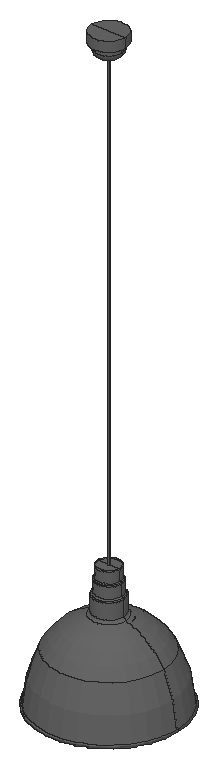
Revit family "Deep Bowl MB", category Lighting Fixtures, Revit 2020 (continued)
Definition of nested family "5.D618"
  Definition of nested family "D618"
    Forms (in)
      Revolve 1, solid, material <- "D618"
        sketch origin (0, 0, -6.03601) x (1, 0, 0) y (0, 0, 1)
          loop
            arc (-8.84187, 6.11594) -> (-8.92, 6.19407) -> (-8.84187, 6.27219) r 0.07812
            line (-8.84187, 6.27219) -> (-8.84187, 6.35219)
            arc (-8.84187, 6.35219) -> (-9, 6.19403) -> (-8.8418, 6.03594) r 0.15812
            arc (-8.8418, 6.03594) -> (-8.65366, 6.10011) -> (-8.54519, 6.26669) r 0.30456
            arc (-8.54519, 6.26669) -> (-8.00942, 9.66201) -> (-6.88998, 12.91195) r 19.64305
            arc (-6.88998, 12.91195) -> (-4.99623, 15.29641) -> (-2.18545, 16.4675) r 6.09625
            arc (-2.18545, 16.4675) -> (-1.9062, 16.61986) -> (-1.795, 16.91789) r 0.455
            line (-1.795, 16.91789) -> (-1.795, 18.85829)
            arc (-1.795, 18.85829) -> (-1.6149, 18.97534) -> (-1.545, 19.17844) r 0.33
            line (-1.545, 19.17844) -> (-1.545, 20.54819)
            arc (-1.545, 20.54819) -> (-1.40941, 20.64508) -> (-1.3575, 20.80344) r 0.2675
            line (-1.3575, 20.80344) -> (-1.3575, 21.95782) -> (-0.25, 21.95782) -> (-0.25, 22.03601) -> (-1.375, 22.03601)
            arc (-1.375, 22.03601) -> (-1.41919, 22.0177) -> (-1.4375, 21.97351) r 0.0625
            line (-1.4375, 21.97351) -> (-1.4375, 20.80344)
            arc (-1.4375, 20.80344) -> (-1.47677, 20.68862) -> (-1.57812, 20.6219) r 0.1875
            arc (-1.57812, 20.6219) -> (-1.61191, 20.59966) -> (-1.625, 20.56138) r 0.0625
            line (-1.625, 20.56138) -> (-1.625, 19.17844)
            arc (-1.625, 19.17844) -> (-1.68135, 19.02033) -> (-1.825, 18.93349) r 0.25
            arc (-1.825, 18.93349) -> (-1.86091, 18.91179) -> (-1.875, 18.87226) r 0.0625
            line (-1.875, 18.87226) -> (-1.875, 16.91789)
            arc (-1.875, 16.91789) -> (-1.96665, 16.67226) -> (-2.1968, 16.54669) r 0.375
          axis (0, 22.03601) -> (0, 6.03594)
        angle from 0 to 360
    Dimensions and locks (in)
      plane 3 "Center (Left/Right)" to plane 5 = 0' - 9"
      plane 4 to plane 2 = 1' - 4"
      aligned and locked: plane 2 to level
      aligned and locked: plane 4 to Revolve 1 sketch curve
Definition of nested family "8.OSD638"
  Parameters (values of type "8.OSD638")
    OSD638 [instance] = yes
    Light Elevation [instance] = 4' - 0"
    Default Elevation = 0' - 0"
    Bulb [instance] = none
    Body [instance] = none
  Reference planes (in)
    plane 1 "Center (Front/Back)": y = 0
    plane 2: z = 0
    plane 3 "Center (Left/Right)": x = 0
    plane 4: z = 48
  Dimensions and locks (in)
    "Light Elevation": plane 4 to plane 2
    aligned and locked: plane 2 to level
    aligned and locked: plane 1 "Center (Front/Back)" to nested 1
    aligned and locked: plane 3 "Center (Left/Right)" to nested 1
    aligned and locked: nested 1 to plane 4
  Nested families (in)
    nested 1: "OSD638" at (0, 0, 16.99995), SHADE <- "Body", visible <- "OSD638", OSD638 <- "OSD638", Bulb <- "Bulb", type "OSD638"
  Definition of nested family "OSD638"
    Parameters (values of type "OSD638")
      SHADE [instance] = none
      OSD638 [instance] = yes
      Default Elevation = 0' - 0"
      Bulb [instance] = none
      6' Cord Length = 0' - 11 1/2"
    Reference planes (in)
      plane 1 "Center (Front/Back)": y = 0
      plane 2: z = 0
      plane 3 "Center (Left/Right)": x = 0
      plane 4: z = 20
    Forms (in)
      Revolve 1, solid, material <- "SHADE"
        sketch origin (0, 0, 0) x (1, 0, 0) y (0, 0, 1)
          loop
            line (-0.13, 31.00005) -> (-3.42801, 31.00005)
            arc (-3.42801, 31.00005) -> (-3.47841, 30.9507) -> (-3.49691, 30.88264) r 0.1345
            line (-3.49691, 30.88264) -> (-3.49691, 28.10976)
            arc (-3.49691, 28.10976) -> (-3.61817, 27.7695) -> (-3.9273, 27.58264) r 0.53799
            arc (-3.9273, 27.58264) -> (-4.00458, 27.53592) -> (-4.03489, 27.45086) r 0.1345
            line (-4.03489, 27.45086) -> (-4.03489, 23.24518)
            arc (-4.03489, 23.24518) -> (-4.23212, 22.71659) -> (-4.72738, 22.44637) r 0.80698
            arc (-4.72738, 22.44637) -> (-10.51596, 19.54127) -> (-14.76485, 14.6531) r 16.70797
            arc (-14.76485, 14.6531) -> (-17.39988, 7.69011) -> (-18.56051, 0.33624) r 36.33735
            line (-18.56051, 0.33624) -> (-18.57009, 0.25129)
            arc (-18.57009, 0.25129) -> (-18.86251, 0.1581) -> (-18.73715, 0.43824) r 0.16812
            line (-18.73715, 0.43824) -> (-18.73715, 0.54762)
            arc (-18.73715, 0.54762) -> (-18.94407, 0.08522) -> (-18.4614, 0.23903) r 0.2775
            line (-18.4614, 0.23903) -> (-18.45147, 0.32716)
            arc (-18.45147, 0.32716) -> (-17.29496, 7.65906) -> (-14.66843, 14.60137) r 36.22798
            arc (-14.66843, 14.60137) -> (-10.45034, 19.45374) -> (-4.70471, 22.33915) r 16.5986
            arc (-4.70471, 22.33915) -> (-4.14711, 22.64768) -> (-3.92552, 23.24518) r 0.91635
            line (-3.92552, 23.24518) -> (-3.92552, 27.45086)
            arc (-3.92552, 27.45086) -> (-3.91986, 27.46675) -> (-3.90542, 27.47548) r 0.02512
            arc (-3.90542, 27.47548) -> (-3.53345, 27.70033) -> (-3.38753, 28.10976) r 0.64736
            line (-3.38753, 28.10976) -> (-3.38753, 30.89068) -> (-0.13, 30.89068) -> (-0.13, 31.00005)
          axis (0, 31.00005) -> (0, 0.23903)
        angle from 0 to 360
      Revolve 2, solid, material <- "Bulb", visible <- "OSD638"
        sketch origin (0, 0, 0) x (1, 0, 0) y (0, 0, 1)
          loop
            line (0, 20) -> (0, 22.44637) -> (-4.29584, 22.44637) -> (-4.29584, 22.33915) -> (-0.39743, 22.33915) -> (-0.39743, 21.75) -> (-1.25, 21.75) -> (-1.25, 20) -> (0, 20)
          axis (0, 20) -> (0, 22.44637)
        angle from 0 to 360
    Dimensions and locks (in)
      locked: Revolve 2 to plane 2 at 20
      aligned and locked: plane 2 to level
      aligned and locked: plane 3 "Center (Left/Right)" to Revolve 2 sketch curve
Definition of nested family "OSD626"
  Parameters (values of type "OSD626")
    OSD626 [instance] = yes
    Light Elevation [instance] = 4' - 0"
    Default Elevation = 0' - 0"
    Bulb [instance] = none
    Body [instance] = none
  Reference planes (in)
    plane 1 "Center (Front/Back)": y = 0
    plane 2: z = 0
    plane 3 "Center (Left/Right)": x = 0
    plane 4: z = 48
  Dimensions and locks (in)
    "Light Elevation": plane 4 to plane 2
    aligned and locked: plane 2 to level
    aligned and locked: plane 4 to nested 1
    aligned and locked: plane 3 "Center (Left/Right)" to nested 1
  Nested families (in)
    nested 1: "OSD626 base" at (0, 75.10736, 25), visible <- "OSD626", SHADE <- "Body", Bulb <- "Bulb", OSD626 <- "OSD626", type "OSD626 base"
      with SHADE none
  Definition of nested family "OSD626 base"
    Parameters (values of type "OSD626 base")
      SHADE [instance] = none
      OSD626 [instance] = yes
      Default Elevation = 0' - 0"
      Bulb [instance] = none
    Reference planes (in)
      plane 1 "Center (Front/Back)": y = 0
      plane 2: z = 0
      plane 3 "Center (Left/Right)": x = 0
      plane 4: z = 23
      plane 5: x = -13
      plane 6: x = 13
      plane 7: z = 11
    Forms (in)
      Revolve 1, solid, material <- "SHADE"
        sketch origin (0, 0, 0) x (1, 0, 0) y (0, 0, 1)
          loop
            arc (-12.80518, 0.37925) -> (-12.92109, 0.38261) -> (-13, 0.29764) r 0.14042
            line (-13, 0.29764) -> (-13, 0.20313)
            arc (-13, 0.20313) -> (-12.94051, 0.05949) -> (-12.79687, 0) r 0.20313
            line (-12.79687, 0) -> (-12.69653, 0)
            arc (-12.69653, 0) -> (-12.54878, 0.05896) -> (-12.48222, 0.20346) r 0.2146
            arc (-12.48222, 0.20346) -> (-11.5316, 5.89262) -> (-9.32364, 11.22133) r 25.43641
            arc (-9.32364, 11.22133) -> (-6.6976, 13.77265) -> (-3.25545, 15.02039) r 8.7162
            arc (-3.25545, 15.02039) -> (-2.82575, 15.25225) -> (-2.65436, 15.70943) r 0.69548
            line (-2.65436, 15.70943) -> (-2.65436, 18.37723)
            arc (-2.65436, 18.37723) -> (-2.39703, 18.52715) -> (-2.29553, 18.80715) r 0.43695
            line (-2.29553, 18.80715) -> (-2.29553, 20.76581)
            arc (-2.29553, 20.76581) -> (-2.09958, 20.99598) -> (-2.02917, 21.28994) r 0.64885
            line (-2.02917, 21.28994) -> (-2.02917, 22.92188) -> (0, 22.92188) -> (0, 23) -> (-2.10729, 23) -> (-2.10729, 21.28994)
            arc (-2.10729, 21.28994) -> (-2.1783, 21.01424) -> (-2.37366, 20.80715) r 0.57072
            line (-2.37366, 20.80715) -> (-2.37366, 18.80715)
            arc (-2.37366, 18.80715) -> (-2.47876, 18.55342) -> (-2.73249, 18.44832) r 0.35883
            line (-2.73249, 18.44832) -> (-2.73249, 15.70943)
            arc (-2.73249, 15.70943) -> (-2.88462, 15.3036) -> (-3.26605, 15.09779) r 0.61736
            arc (-3.26605, 15.09779) -> (-6.74042, 13.83802) -> (-9.39041, 11.26202) r 8.79432
            arc (-9.39041, 11.26202) -> (-11.60626, 5.91568) -> (-12.56024, 0.20751) r 25.51453
            arc (-12.56024, 0.20751) -> (-12.60257, 0.11562) -> (-12.69653, 0.07812) r 0.13647
            line (-12.69653, 0.07812) -> (-12.79687, 0.07812)
            arc (-12.79687, 0.07812) -> (-12.88526, 0.11474) -> (-12.92187, 0.20313) r 0.125
            line (-12.92187, 0.20313) -> (-12.92187, 0.28227)
            arc (-12.92187, 0.28227) -> (-12.85617, 0.31447) -> (-12.80518, 0.26199) r 0.06229
            line (-12.80518, 0.26199) -> (-12.80518, 0.37925)
          axis (0, 23) -> (0, 0)
        angle from 0 to 360
      Revolve 2, solid, material <- "Bulb", visible <- "OSD626"
        sketch origin (0, 0, 0) x (1, 0, 0) y (0, 0, 1)
          loop
            line (0, 11) -> (0, 14.25) -> (-5, 14.25) -> (-5, 14) -> (-0.5, 14) -> (-0.5, 12.75) -> (-1.25, 12.75) -> (-1.25, 11) -> (0, 11)
          axis (0, 11) -> (0, 14.25)
        angle from 0 to 360
    Dimensions and locks (in)
      plane 2 to plane 4 = 1' - 11"
      locked: Revolve 2 to plane 2 at 11
      aligned and locked: plane 2 to level
      aligned and locked: plane 3 "Center (Left/Right)" to Revolve 2 sketch curve
Definition of nested family "7.OSD630"
  Parameters (values of type "7.OSD630")
    OSD630 [instance] = yes
    Light Elevation [instance] = 4' - 0"
    Default Elevation = 0' - 0"
    Bulb [instance] = none
    Body [instance] = none
  Reference planes (in)
    plane 1 "Center (Front/Back)": y = 0
    plane 2: z = 0
    plane 3 "Center (Left/Right)": x = 0
    plane 4: z = 48
  Dimensions and locks (in)
    "Light Elevation": plane 4 to plane 2
    aligned and locked: plane 2 to level
    aligned and locked: plane 1 "Center (Front/Back)" to nested 1
    aligned and locked: plane 3 "Center (Left/Right)" to nested 1
    aligned and locked: plane 4 to nested 1
  Nested families (in)
    nested 1: "OSD630" at (0, 0, 21), visible <- "OSD630", OSD626 <- "OSD630", Bulb <- "Bulb", type "OSD630"
  Definition of nested family "OSD630"
    Parameters (values of type "OSD630")
      SHADE = none
      OSD626 [instance] = yes
      Default Elevation = 0' - 0"
      Bulb [instance] = none
      8' Cord Length [instance] = 0' - 9 1/2"
    Reference planes (in)
      plane 1 "Center (Front/Back)": y = 0
      plane 2: z = 0
      plane 3 "Center (Left/Right)": x = 0
      plane 4: z = 27
      plane 5: x = 15
      plane 6: x = -15
      plane 7: z = 11
    Forms (in)
      Revolve 1, solid, material <- "SHADE", visible <- "OSD626"
        sketch origin (0, 0, 0) x (1, 0, 0) y (0, 0, 1)
          loop
            line (-0.13, 27) -> (-2.32072, 27)
            arc (-2.32072, 27) -> (-2.39531, 26.9691) -> (-2.42621, 26.89451) r 0.10549
            line (-2.42621, 26.89451) -> (-2.42621, 24.78954)
            arc (-2.42621, 24.78954) -> (-2.49249, 24.59575) -> (-2.66356, 24.48313) r 0.31646
            arc (-2.66356, 24.48313) -> (-2.72058, 24.44559) -> (-2.74267, 24.38099) r 0.10549
            line (-2.74267, 24.38099) -> (-2.74267, 22.04687)
            arc (-2.74267, 22.04687) -> (-2.83778, 21.78) -> (-3.08023, 21.63344) r 0.42195
            arc (-3.08023, 21.63344) -> (-3.14085, 21.5968) -> (-3.16462, 21.53009) r 0.10549
            line (-3.16462, 21.53009) -> (-3.16462, 18.23152)
            arc (-3.16462, 18.23152) -> (-3.31931, 17.81693) -> (-3.70775, 17.60499) r 0.63292
            arc (-3.70775, 17.60499) -> (-8.24781, 15.32648) -> (-11.58027, 11.49263) r 13.10429
            arc (-11.58027, 11.49263) -> (-13.65416, 6.00426) -> (-14.56024, 0.20751) r 28.49989
            arc (-14.56024, 0.20751) -> (-14.60257, 0.11562) -> (-14.69653, 0.07812) r 0.13647
            line (-14.69653, 0.07812) -> (-14.79687, 0.07812)
            arc (-14.79687, 0.07812) -> (-14.88526, 0.11474) -> (-14.92187, 0.20313) r 0.125
            line (-14.92187, 0.20313) -> (-14.92187, 0.28227)
            arc (-14.92187, 0.28227) -> (-14.85617, 0.31447) -> (-14.80518, 0.26199) r 0.06229
            line (-14.80518, 0.26199) -> (-14.80518, 0.37925)
            arc (-14.80518, 0.37925) -> (-14.92109, 0.38261) -> (-15, 0.29764) r 0.14042
            line (-15, 0.29764) -> (-15, 0.20313)
            arc (-15, 0.20313) -> (-14.94051, 0.05949) -> (-14.79687, 0) r 0.20313
            line (-14.79687, 0) -> (-14.69653, 0)
            arc (-14.69653, 0) -> (-14.54878, 0.05896) -> (-14.48222, 0.20346) r 0.2146
            arc (-14.48222, 0.20346) -> (-13.57891, 5.98325) -> (-11.51141, 11.45567) r 28.42176
            arc (-11.51141, 11.45567) -> (-8.20095, 15.26396) -> (-3.69157, 17.52841) r 13.02617
            arc (-3.69157, 17.52841) -> (-3.25859, 17.76771) -> (-3.0865, 18.23152) r 0.71105
            line (-3.0865, 18.23152) -> (-3.0865, 21.53009)
            arc (-3.0865, 21.53009) -> (-3.08033, 21.54739) -> (-3.06461, 21.5569) r 0.02736
            arc (-3.06461, 21.5569) -> (-2.77727, 21.73059) -> (-2.66455, 22.04687) r 0.50007
            line (-2.66455, 22.04687) -> (-2.66455, 24.38099)
            arc (-2.66455, 24.38099) -> (-2.65882, 24.39775) -> (-2.64403, 24.40748) r 0.02736
            arc (-2.64403, 24.40748) -> (-2.43072, 24.54791) -> (-2.34809, 24.78954) r 0.39459
            line (-2.34809, 24.78954) -> (-2.34809, 26.89929)
            arc (-2.34809, 26.89929) -> (-2.34007, 26.91864) -> (-2.32072, 26.92665) r 0.02736
            line (-2.32072, 26.92665) -> (-0.13, 26.92665) -> (-0.13, 27)
          axis (0, 27) -> (0, 0)
        angle from 0 to 360
      Revolve 2, solid, material <- "Bulb", visible <- "OSD626"
        sketch origin (0, 0, 0) x (1, 0, 0) y (0, 0, 1)
          loop
            line (0, 11) -> (0, 14.25) -> (-9.25, 14.25) -> (-9.25, 13.75) -> (-0.25, 13.75) -> (-0.25, 12.75) -> (-1.25, 12.75) -> (-1.25, 11) -> (0, 11)
          axis (0, 11) -> (0, 14.25)
        angle from 0 to 360
    Dimensions and locks (in)
      plane 5 to plane 3 "Center (Left/Right)" = 1' - 3"
      plane 2 to plane 4 = 2' - 3"
      locked: Revolve 2 to plane 2 at 11
      aligned and locked: plane 2 to level
      aligned and locked: Revolve 1 sketch curve to plane 4
      aligned and locked: plane 3 "Center (Left/Right)" to Revolve 2 sketch curve
Types (10): name | a | Weight | Wattage Comments | Wattage | URL | Photometric Web File | OSD638 | OSD630 | OSD626 | OSD622 | Model | built-in parameter 1150105 | Lumens | built-in parameter 1150106 | Fixture Height | Fixture Diameter | D618 | D616 | D612 | D610 | D608 | Bulb | Apparent Load
  (no name) | 1' - 3" | "7.5lbs" | "200 w Max" | 26.9284 W | "https://www.anplighting.com/assets/Uploads/product-attachments/specification-sheets/ANP-Specification-Sheet-RLM-MB-OSD622.pdf" | "D618M016LDNW30K.IES" | no | no | no | yes | "OSD622" | 318.31 (stored number, unit not read) | 4000 lm | 3.1831 (stored number, unit not read) | 1' - 10" | 1' - 8" | no | no | no | no | no | Bulb | 200 VA
  D608 | 0' - 8" | "1.0lbs" | "100 w Max" | 5.72229 W | "https://www.anplighting.com/assets/Uploads/product-attachments/specification-sheets/ANP_Specification_Sheet_RLM_INC_D608.pdf" | "D608M009LDNW40K (1).IES" | no | no | no | no | "D608" | 67.641 (stored number, unit not read) | 850 lm | 0.67641 (stored number, unit not read) | 0' - 7 1/2" | 0' - 8" | no | no | no | no | yes | none | 100 VA
  D610 | 0' - 9" | "1.0lbs" | "200 w Max" | 8.41513 W | "https://www.anplighting.com/assets/Uploads/product-attachments/specification-sheets/ANP-Specification-Sheet-RLM-MB-D610.pdf" | "D610M010LDDW40K.IES" | no | no | no | no | "D610" | 99.472 (stored number, unit not read) | 1250 lm | 0.99472 (stored number, unit not read) | 0' - 9 1/4" | 0' - 10 1/8" | no | no | no | yes | no | none | 200 VA
  D612 | 0' - 10" | "1.0lbs" | "200 w Max" | 13.4642 W | "https://www.anplighting.com/assets/Uploads/product-attachments/specification-sheets/ANP-Specification-Sheet-RLM-MB-D612.pdf" | "D612-100GLCL-32WPL.IES" | no | no | no | no | "D612" | 159.15 (stored number, unit not read) | 2000 lm | 1.5915 (stored number, unit not read) | 0' - 11" | 1' - 0" | no | no | yes | no | no | none | 200 VA
  D616 | 0' - 10" | "1.5lbs" | "200 w Max" | 13.4642 W | "https://www.anplighting.com/assets/Uploads/product-attachments/specification-sheets/ANP-Specification-Sheet-RLM-MB-D616.pdf" | "D616M016LDNW40K (1).IES" | no | no | no | no | "D616" | 159.15 (stored number, unit not read) | 2000 lm | 1.5915 (stored number, unit not read) | 1' - 1 1/8" | 1' - 4" | no | yes | no | no | no | none | 200 VA
  D618 | 1' - 0" | "2.5 lbs" | "200 w Max" | 8.41513 W | "https://www.anplighting.com/assets/Uploads/product-attachments/specification-sheets/ANP-Specification-Sheet-RLM-MB-D618.pdf" | "D618M010LDNW30K.IES" | no | no | no | no | "D618" | 99.472 (stored number, unit not read) | 1250 lm | 0.99472 (stored number, unit not read) | 1' - 6" | 1' - 4" | yes | no | no | no | no | none | 200 VA
  OSD622 | 1' - 3" | "7.5lbs" | "200 w Max" | 26.9284 W | "https://www.anplighting.com/assets/Uploads/product-attachments/specification-sheets/ANP-Specification-Sheet-RLM-MB-OSD622.pdf" | "D618M016LDNW30K.IES" | no | no | no | yes | "OSD622" | 318.31 (stored number, unit not read) | 4000 lm | 3.1831 (stored number, unit not read) | 1' - 10" | 1' - 8" | no | no | no | no | no | Bulb | 200 VA
  OSD630 | 1' - 7" | "13.0 lbs" | "200 w Max" | 26.9284 W | "https://www.anplighting.com/assets/Uploads/product-attachments/specification-sheets/ANP-Specification-Sheet-RLM-MB-OSD630.pdf" | "D618M016LDNW30K.IES" | no | yes | no | no | "OSD630" | 318.31 (stored number, unit not read) | 4000 lm | 3.1831 (stored number, unit not read) | 2' - 3" | 2' - 6" | no | no | no | no | no | Bulb | 200 VA
  OSD638 | 1' - 6" | "25.0 lbs" | "200 w Max" | 26.9284 W | "https://www.anplighting.com/assets/Uploads/product-attachments/specification-sheets/ANP-Specification-Sheet-RLM-MB-OSD638.pdf" | "D618M016LDNW30K.IES" | yes | no | no | no | "OSD638" | 318.31 (stored number, unit not read) | 4000 lm | 3.1831 (stored number, unit not read) | 2' - 7" | 3' - 2" | no | no | no | no | no | Bulb | 200 VA
  OSD626 | 1' - 3" | "4.0 lbs" | "200 w Max" | 26.9284 W | "https://www.anplighting.com/assets/Uploads/product-attachments/specification-sheets/ANP-Specification-Sheet-RLM-MB-OSD626.pdf" | "D618M016LDNW30K.IES" | no | no | yes | no | "OSD626" | 318.31 (stored number, unit not read) | 4000 lm | 3.1831 (stored number, unit not read) | 1' - 11" | 2' - 2" | no | no | no | no | no | Bulb | 200 VA
